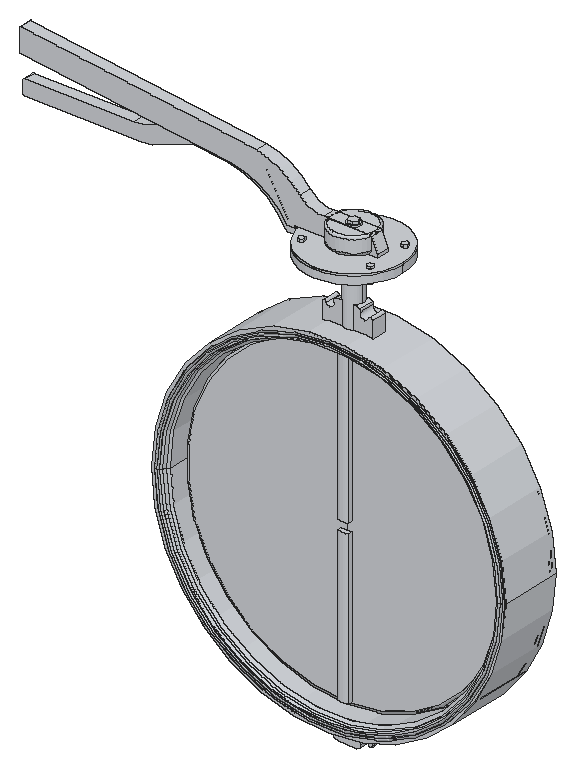
Revit family "R59WY030", category Plumbing Fixtures, Revit 2015
Reference planes
  plane 1 "Center (Front/Back)": y = 0
  plane 2: z = 0
  plane 3 "Center (Left/Right)": x = 0
  plane 4: z = 312
  plane 5: x = -416
  plane 6: z = 414
  plane 7: z = -230
  plane 8: z = -30
  plane 9: z = 342
  plane 10: z = -30
  plane 11: y = -39.988
  plane 12: y = 39.512
  plane 13: x = -28.994
Forms (mm)
  Extrusion 1, solid
    sketch origin (0, 0, 302) x (1, 0, 0) y (0, 1, 0)
      loop
        circle (0, 0) r 62.5
    from 0 to 10
  Extrusion 2, solid
    sketch origin (0, 0, -76.95) x (1, 0, 0) y (0, 1, 0)
      loop
        circle (0, 0) r 12
    from 295.182 to 378.95
  Revolve 3, solid
    sketch origin (0, 0, 0) x (0, 1, 0) y (0, 0, 1)
      loop
        line (-1.078, -207.408) -> (1.078, -207.408) -> (1.078, -206.473)
        arc (1.078, -206.473) -> (1.953, -205.04) -> (3.478, -204.337) r 2.888
        line (3.478, -204.337) -> (6.599, -204.337)
        arc (6.599, -204.337) -> (9.772, -202.595) -> (11.11, -199.232) r 5.351
        line (11.11, -199.232) -> (11.11, 0) -> (-11.11, 0) -> (-11.11, -201.667)
        arc (-11.11, -201.667) -> (-10.328, -203.555) -> (-8.44, -204.337) r 2.67
        line (-8.44, -204.337) -> (-3.478, -204.337)
        arc (-3.478, -204.337) -> (-1.953, -205.04) -> (-1.078, -206.473) r 2.888
        line (-1.078, -206.473) -> (-1.078, -207.408)
      axis (11.11, 0) -> (-11.11, 0)
    angle from 0 to 360
  Blend 4, solid
    base sketch origin (0, 0, -4.163) x (1, 0, 0) y (0, 1, 0)
      loop
        line (-6.883, 16.4) -> (-6.883, -16.4)
        arc (-6.883, -16.4) -> (0, -18.078) -> (6.883, -16.4) r 14.953
        line (6.883, -16.4) -> (6.883, 16.4)
        arc (6.883, 16.4) -> (0, 18.078) -> (-6.883, 16.4) r 14.953
    top sketch origin (0, 0, 0) x (1, 0, 0) y (0, 1, 0)
      loop
        line (-6.883, 16.4) -> (-6.883, -16.4)
        arc (-6.883, -16.4) -> (0, -18.078) -> (6.883, -16.4) r 14.953
        line (6.883, -16.4) -> (6.883, 16.4)
        arc (6.883, 16.4) -> (0, 18.078) -> (-6.883, 16.4) r 14.953
    from 10.163 to 199.357
  Blend 5, solid
    base sketch origin (0, 0, -38.601) x (0, -1, 0) y (1, 0, 0)
      loop
        line (-16.4, -6.883) -> (16.4, -6.883)
        arc (16.4, -6.883) -> (18.078, 0) -> (16.4, 6.883) r 14.953
        line (16.4, 6.883) -> (-16.4, 6.883)
        arc (-16.4, 6.883) -> (-18.078, 0) -> (-16.4, -6.883) r 14.953
    top sketch origin (0, 0, -35.117) x (0, -1, 0) y (1, 0, 0)
      loop
        line (-16.4, -6.883) -> (16.4, -6.883)
        arc (16.4, -6.883) -> (18.078, 0) -> (16.4, 6.883) r 14.953
        line (16.4, 6.883) -> (-16.4, 6.883)
        arc (-16.4, 6.883) -> (-18.078, 0) -> (-16.4, -6.883) r 14.953
    from -160.162 to 29.117
  Extrusion 6, solid
    sketch origin (80.376, -27.447, 314) x (0, -1, 0) y (1, 0, 0)
      loop
        line (3.99, -123.113) -> (0.805, -120.344) -> (-3.184, -121.718) -> (-3.99, -125.86) -> (-0.805, -128.628) -> (3.184, -127.254) -> (3.99, -123.113)
    from 0 to 3
  Extrusion 7, solid
    sketch origin (80.376, -27.447, 294) x (0, -1, 0) y (1, 0, 0)
      loop
        circle (0, -124.486) r 3
    from 2.505 to 20
  Extrusion 8, solid
    sketch origin (80.376, -27.447, 301) x (0, -1, 0) y (1, 0, 0)
      loop
        line (3.99, -123.113) -> (0.805, -120.344) -> (-3.184, -121.718) -> (-3.99, -125.86) -> (-0.805, -128.628) -> (3.184, -127.254) -> (3.99, -123.113)
      loop
        line (-3.444, -125.672) -> (-0.695, -128.061) -> (2.749, -126.876) -> (3.444, -123.301) -> (0.695, -120.911) -> (-2.749, -122.097) -> (-3.444, -125.672)
    from -1.968 to 1
  Extrusion 9, solid, not visible
    sketch origin (26.117, -96.518, 104.233) x (0, -1, 0) y (1, 0, 0)
      loop
        line (3.99, -123.113) -> (0.805, -120.344) -> (-3.184, -121.718) -> (-3.99, -125.86) -> (-0.805, -128.628) -> (3.184, -127.254) -> (3.99, -123.113)
    from 0 to 3
  Extrusion 10, solid, not visible
    sketch origin (26.117, -96.518, 84.233) x (0, -1, 0) y (1, 0, 0)
      loop
        circle (0, -124.486) r 3
    from 2.505 to 20
  Extrusion 11, solid, not visible
    sketch origin (26.117, -96.518, 91.233) x (0, -1, 0) y (1, 0, 0)
      loop
        line (3.99, -123.113) -> (0.805, -120.344) -> (-3.184, -121.718) -> (-3.99, -125.86) -> (-0.805, -128.628) -> (3.184, -127.254) -> (3.99, -123.113)
      loop
        line (-3.444, -125.672) -> (-0.695, -128.061) -> (2.749, -126.876) -> (3.444, -123.301) -> (0.695, -120.911) -> (-2.749, -122.097) -> (-3.444, -125.672)
    from -1.968 to 1
  Extrusion 12, solid
    sketch origin (0, 0, 312) x (1, 0, 0) y (0, 1, 0)
      loop
        circle (0, 0) r 62.5
    from 0 to 2
  Extrusion 13, solid
    sketch origin (80.376, -27.447, 314) x (0, -1, 0) y (1, 0, 0)
      loop
        line (-58.884, -123.113) -> (-58.079, -127.254) -> (-54.09, -128.628) -> (-50.905, -125.86) -> (-51.71, -121.718) -> (-55.7, -120.344) -> (-58.884, -123.113)
    from 0 to 3
  Extrusion 14, solid
    sketch origin (80.376, -27.447, 294) x (0, -1, 0) y (1, 0, 0)
      loop
        circle (-54.895, -124.486) r 3
    from 2.505 to 20
  Extrusion 15, solid
    sketch origin (80.376, -27.447, 301) x (0, -1, 0) y (1, 0, 0)
      loop
        line (-58.884, -123.113) -> (-58.079, -127.254) -> (-54.09, -128.628) -> (-50.905, -125.86) -> (-51.71, -121.718) -> (-55.7, -120.344) -> (-58.884, -123.113)
      loop
        line (-51.451, -125.672) -> (-52.146, -122.097) -> (-55.59, -120.911) -> (-58.339, -123.301) -> (-57.644, -126.876) -> (-54.2, -128.061) -> (-51.451, -125.672)
    from -1.968 to 1
  Extrusion 16, solid
    sketch origin (-81.626, 27.447, 314) x (0, 1, 0) y (-1, 0, 0)
      loop
        line (-58.884, -123.113) -> (-58.079, -127.254) -> (-54.09, -128.628) -> (-50.905, -125.86) -> (-51.71, -121.718) -> (-55.7, -120.344) -> (-58.884, -123.113)
    from 0 to 3
  Extrusion 17, solid
    sketch origin (-81.626, 27.447, 294) x (0, 1, 0) y (-1, 0, 0)
      loop
        circle (-54.895, -124.486) r 3
    from 2.505 to 20
  Extrusion 18, solid
    sketch origin (-81.626, 27.447, 301) x (0, 1, 0) y (-1, 0, 0)
      loop
        line (-58.884, -123.113) -> (-58.079, -127.254) -> (-54.09, -128.628) -> (-50.905, -125.86) -> (-51.71, -121.718) -> (-55.7, -120.344) -> (-58.884, -123.113)
      loop
        line (-51.451, -125.672) -> (-52.146, -122.097) -> (-55.59, -120.911) -> (-58.339, -123.301) -> (-57.644, -126.876) -> (-54.2, -128.061) -> (-51.451, -125.672)
    from -1.968 to 1
  Extrusion 19, solid
    sketch origin (-81.626, 27.447, 314) x (0, 1, 0) y (-1, 0, 0)
      loop
        line (3.99, -123.113) -> (0.805, -120.344) -> (-3.184, -121.718) -> (-3.99, -125.86) -> (-0.805, -128.628) -> (3.184, -127.254) -> (3.99, -123.113)
    from 0 to 3
  Extrusion 20, solid
    sketch origin (-81.626, 27.447, 294) x (0, 1, 0) y (-1, 0, 0)
      loop
        circle (0, -124.486) r 3
    from 2.505 to 20
  Extrusion 21, solid
    sketch origin (-81.626, 27.447, 301) x (0, 1, 0) y (-1, 0, 0)
      loop
        line (3.99, -123.113) -> (0.805, -120.344) -> (-3.184, -121.718) -> (-3.99, -125.86) -> (-0.805, -128.628) -> (3.184, -127.254) -> (3.99, -123.113)
      loop
        line (-3.444, -125.672) -> (-0.695, -128.061) -> (2.749, -126.876) -> (3.444, -123.301) -> (0.695, -120.911) -> (-2.749, -122.097) -> (-3.444, -125.672)
    from -1.968 to 1
  Extrusion 22, solid
    sketch origin (125.063, -27.447, 339.144) x (0, -1, 0) y (1, 0, 0)
      loop
        line (-32.638, -122.069) -> (-32.638, -128.062) -> (-27.447, -131.059) -> (-22.257, -128.062) -> (-22.257, -122.069) -> (-27.447, -119.072) -> (-32.638, -122.069)
    from -1.014 to 2.856
  Extrusion 23, solid
    sketch origin (124.477, -54.895, 334.2) x (0, -1, 0) y (1, 0, 0)
      loop
        circle (-54.895, -124.486) r 8
    from -22.2 to 3.931
  Sweep 24, solid
    path origin (0, 0, 0) x (1, 0, 0) y (0, 0, 1)
      loop
        circle (0, 0) r 224
    profile origin (0, 0, -224) x (0, 0, 1) y (0, -1, 0)
      loop
        line (16.683, -30.07) -> (16.683, 30.695) -> (13.454, 33.924) -> (12.517, 37.421) -> (10.888, 39.763) -> (9.28, 39.763)
        arc (9.28, 39.763) -> (8.267, 40.777) -> (7.253, 39.763) r 1.014
        line (7.253, 39.763) -> (5.98, 39.763)
        arc (5.98, 39.763) -> (4.966, 40.777) -> (3.952, 39.763) r 1.014
        line (3.952, 39.763) -> (0.625, 39.763) -> (0.625, -39.138) -> (3.952, -39.138)
        arc (3.952, -39.138) -> (4.966, -40.152) -> (5.98, -39.138) r 1.014
        line (5.98, -39.138) -> (7.253, -39.138)
        arc (7.253, -39.138) -> (8.267, -40.152) -> (9.28, -39.138) r 1.014
        line (9.28, -39.138) -> (10.888, -39.138) -> (12.517, -36.796) -> (13.454, -33.299) -> (16.683, -30.07)
  Revolve 25, solid
    sketch origin (0, 0, 172) x (1, 0, 0) y (0, 0, 1)
      loop
        line (-26.486, 143.746) -> (0, 143.746) -> (0, 165) -> (-26.486, 165)
        arc (-26.486, 165) -> (-28.259, 164.265) -> (-28.994, 162.492) r 2.508
        line (-28.994, 162.492) -> (-28.994, 146.254)
        arc (-28.994, 146.254) -> (-28.259, 144.481) -> (-26.486, 143.746) r 2.508
      axis (0, 143.746) -> (0, 165)
    angle from 0 to 360
  Sweep 26, solid
    path origin (-0.002, 0, 0) x (1, 0, 0) y (0, 0, 1)
      loop
        circle (0, 0) r 224
    profile origin (-0.002, 0, -224) x (0, 0, 1) y (0, -1, 0)
      loop
        line (0, 39.988) -> (0, -39.512) -> (3.944, -39.512) -> (3.944, 39.988) -> (0, 39.988)
  Extrusion 27, solid
    sketch origin (17.031, 45.948, 31.427) x (1, 0, 0) y (0, 0, 1)
      loop
        arc (-48.783, 305.574) -> (-65.384, 309.172) -> (-79.007, 319.319) r 40.102
        arc (-79.007, 319.319) -> (-103.619, 339.76) -> (-133.424, 351.389) r 100.074
        line (-133.424, 351.389) -> (-432.33, 385.994)
        arc (-432.33, 385.994) -> (-432.804, 385.844) -> (-433.008, 385.39) r 0.608
        line (-433.008, 385.39) -> (-433.008, 356.181) -> (-167.596, 325.454)
        arc (-167.596, 325.454) -> (-125.893, 310.838) -> (-94.664, 279.573) r 99.286
        line (-94.664, 279.573) -> (-84.664, 279.573) -> (-84.664, 282.573) -> (19.968, 282.573) -> (19.968, 285.73) -> (11.957, 303.723)
        arc (11.957, 303.723) -> (11.164, 304.844) -> (10.002, 305.574) r 3.509
        line (10.002, 305.574) -> (-48.783, 305.574)
    from 37.966 to 54.11
  Extrusion 28, solid
    sketch origin (-95.752, 45.948, -23.087) x (1, 0, 0) y (0, 0, 1)
      loop
        line (-177.106, 382.301) -> (-314.714, 382.301)
        arc (-314.714, 382.301) -> (-315.986, 381.806) -> (-316.641, 380.609) r 1.995
        line (-316.641, 380.609) -> (-316.641, 365.458)
        arc (-316.641, 365.458) -> (-315.986, 364.261) -> (-314.714, 363.766) r 1.995
        line (-314.714, 363.766) -> (-165.969, 363.766)
        arc (-165.969, 363.766) -> (-159.476, 364.161) -> (-153.041, 365.112) r 75.785
        line (-153.041, 365.112) -> (-102.034, 383.677) -> (-60.442, 378.862)
        arc (-60.442, 378.862) -> (-16.505, 362.956) -> (15.663, 329.062) r 101.578
        arc (15.663, 329.062) -> (17.206, 327.09) -> (19.597, 326.344) r 4.207
        line (19.597, 326.344) -> (28.119, 326.344) -> (28.119, 337.087) -> (23.361, 337.087)
        arc (23.361, 337.087) -> (21.253, 337.654) -> (19.712, 339.201) r 4.207
        line (19.712, 339.201) -> (-9.321, 389.817)
        arc (-9.321, 389.817) -> (-17.422, 397.083) -> (-27.819, 400.293) r 25.399
        line (-27.819, 400.293) -> (-121.464, 408.132)
        arc (-121.464, 408.132) -> (-146.554, 389.335) -> (-177.106, 382.301) r 75.785
    from 38.356 to 53.486
  Extrusion 29, solid
    sketch origin (-2.813, 0.293, 169.768) x (1, 0, 0) y (0, 0, 1)
      loop
        arc (18.871, 79.288) -> (16.77, 80.589) -> (14.565, 81.703) r 28.535
        line (14.565, 81.703) -> (-8.94, 81.703)
        arc (-8.94, 81.703) -> (-11.147, 80.588) -> (-13.249, 79.287) r 28.535
        arc (-13.249, 79.287) -> (-14.145, 78.006) -> (-14.03, 76.455) r 2.274
        arc (-14.03, 76.455) -> (-16.841, 69.087) -> (-24.079, 72.217) r 5.458
        arc (-24.079, 72.217) -> (-26.836, 73.974) -> (-28.974, 71.501) r 2.5
        line (-28.974, 71.501) -> (-28.974, 50.421)
        arc (-28.974, 50.421) -> (2.813, 53.196) -> (34.596, 50.384) r 182.243
        line (34.596, 50.384) -> (34.596, 71.501)
        arc (34.596, 71.501) -> (32.458, 73.974) -> (29.701, 72.217) r 2.5
        arc (29.701, 72.217) -> (22.463, 69.087) -> (19.652, 76.455) r 5.458
        arc (19.652, 76.455) -> (19.767, 78.006) -> (18.871, 79.288) r 2.274
    from -9.388 to 9.974
  Extrusion 30, solid
    sketch origin (-2.813, 0.293, -168.929) x (1, 0, 0) y (0, 0, 1)
      loop
        arc (18.871, -79.288) -> (19.767, -78.006) -> (19.652, -76.455) r 2.274
        arc (19.652, -76.455) -> (22.463, -69.087) -> (29.701, -72.217) r 5.458
        arc (29.701, -72.217) -> (32.458, -73.974) -> (34.596, -71.501) r 2.5
        line (34.596, -71.501) -> (34.596, -50.384)
        arc (34.596, -50.384) -> (2.813, -53.196) -> (-28.974, -50.421) r 182.243
        line (-28.974, -50.421) -> (-28.974, -71.501)
        arc (-28.974, -71.501) -> (-26.836, -73.974) -> (-24.079, -72.217) r 2.5
        arc (-24.079, -72.217) -> (-16.841, -69.087) -> (-14.03, -76.455) r 5.458
        arc (-14.03, -76.455) -> (-14.145, -78.006) -> (-13.249, -79.287) r 2.274
        arc (-13.249, -79.287) -> (-11.147, -80.588) -> (-8.94, -81.703) r 28.535
        line (-8.94, -81.703) -> (14.565, -81.703)
        arc (14.565, -81.703) -> (16.77, -80.589) -> (18.871, -79.288) r 28.535
    from -9.388 to 9.974
Dimensions and locks
  plane 2 to plane 4 = 312 mm
  plane 3 "Center (Left/Right)" to plane 5 = 416 mm
  level to plane 6 = 414 mm
  plane 7 to level = 230 mm
  locked: plane 4 to plane 9 at 30
  plane 12 to plane 11 = 79.5 mm
  aligned and locked: level to plane 2
